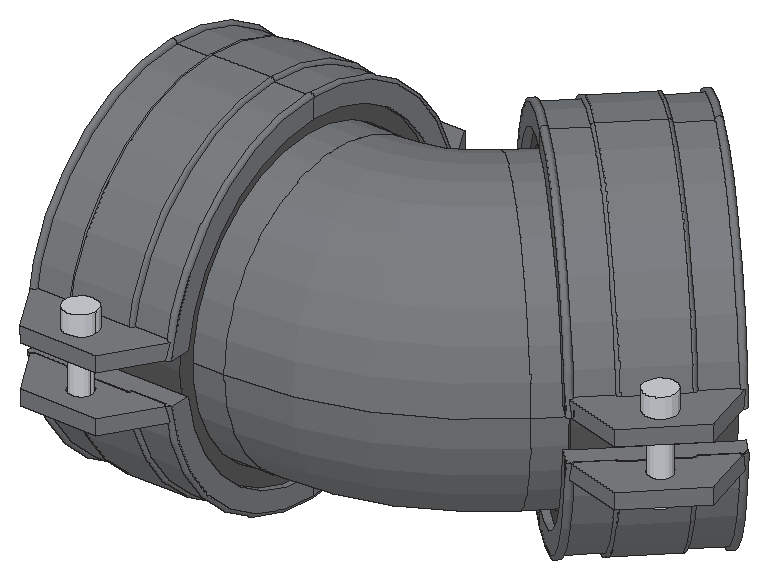
Revit family "PBUK_ED_Bend_ED002_DI", category Pipe Fittings, Revit 2024
Family settings
  Round Connector Dimension = Use Diameter
  Part Type = Elbow
  OmniClass Number = 23.60.30.11.14
  OmniClass Title = Pipework Fittings
  Work Plane-Based = No
  Always vertical = Yes
  Cut with Voids When Loaded = No
  Shared = No
Parameters (values of type "Standard")
  Weight [instance] = size_lookup(Lookup Table Name, "Poids", 0.00 kg, Nominal Diameter, Angle)  # 1.15 kg
  WarrantyStartDate [instance] = "Please Record On Commissioning"
  WarrantyGuarantorParts = "technical.uk@pambuilding.com"
  WarrantyGuarantorLabour = "N/A"
  WarrantyDurationUnit = "Years"
  WarrantyDurationParts = "0"
  WarrantyDurationLabour = "0"
  WarrantyDescription = "N/A"
  URL = "www.pambuilding.co.uk"
  Type IFC Predefined Type = "BEND"
  TagNumber [instance] = "Please Record On Commissioning"
  System Fire Rating = "A2-s1, d0"  # constant formula
  Symbol Length [instance] = Nominal Diameter * 0.6  # 60 mm
  Standard = "EN 877"  # constant formula
  Show Coupling 2 [instance] = yes
  Show Coupling 1 [instance] = yes
  SerialNumber [instance] = "Please Record On Commissioning"
  RC [instance] = size_lookup(Lookup Table Name, "RC", 0 mm, Nominal Diameter, Angle)  # 72 mm
  Quality Marks [instance] = "Kitemark KM 51733"  # constant formula
  Product URL = "https://source.thenbs.com/en/product/ensign-drain-below-ground-drainage-system/2q1gEaFhwdmYRUm3yQ7ADk/7WPnyJ2vXj1EjKFYZwQSwU"
  Product Code [instance] = size_lookup(Lookup Table Name, "REF-STD", 0, Nominal Diameter, Angle)  # 191765
  NominalWidth [instance] = Dext  # 110 mm
  NominalLength [instance] = Ecart * sin(Angle b) + (2 * L + (3.14 * RC * Angle b) / 180.00°)  # 147.608 mm
  NominalHeight [instance] = Ecart * sin(Angle b) + (2 * L + (3.14 * RC * Angle b) / 180.00°)  # 147.608 mm
  Nominal Diameter [instance] = 100 mm
  ModelNumber [instance] = size_lookup(Lookup Table Name, "", "N/A", Nominal Diameter, Angle)  # "ED002"
  Material Fire Rating = "A2-s1, d0"  # constant formula
  Material = "Cast Iron"  # constant formula
  Manufacturer Product Range = "Ensign Drain"  # constant formula
  Lookup Table Name = "ED002_Short Radius Bend"
  Model = ""
  L [instance] = size_lookup(Lookup Table Name, "L", 0 mm, Nominal Diameter, Angle)  # 35 mm
  Keynote = "Bend"  # constant formula
  built-in parameter 1114238 [instance] = (empty or 0)
  Manufacturer = "Pam Building UK"  # constant formula
  InstallationDate [instance] = "Please Record On Commissioning"
  Export Type to IFC As = "IfcPipeFittingType"
  Ecart [instance] = RC * tan(Angle b / 2)  # 29.823 mm
  DurationUnit = "Years"
  Dext [instance] = size_lookup(Lookup Table Name, "Dext", 0 mm, Nominal Diameter, Angle)  # 110 mm
  Description = "Short Radius Bend"  # constant formula
  Default Elevation = 0 mm
  CreatedOn = "2019-12-15T10:00:00"
  CreatedBy = "technical.uk@pambuilding.com"
  Coupling Rotation 2 [instance] = 90.00°
  Coupling Rotation 1 [instance] = 90.00°
  Connection Gap 2 [instance] = if(Show Coupling 2, size_lookup(Lookup Table Name, "ConnectionGap", 0 mm, Nominal Diameter, Angle), 0 mm)  # 4 mm
  Connection Gap 1 [instance] = if(Show Coupling 1, size_lookup(Lookup Table Name, "ConnectionGap", 0 mm, Nominal Diameter, Angle), 0 mm)  # 4 mm
  ClassificationValue = "Pr_65_52_07_34"
  ClassificationName = "Uniclass2015"
  BarCode [instance] = "Please Record On Commissioning"
  AssetType = "Fixed"
  AssetIdentifier [instance] = "Please Record On Commissioning"
  Angle b [instance] = 45.00°
  Angle [instance] = if(and(Angle b > 85.00°, Angle b < 91.00°), 88.00°, if(and(Angle b > 65.00°, Angle b < 71.00°), 68.00°, if(and(Angle b > 42.00°, Angle b < 48.00°), 45.00°, if(and(Angle b > 27.00°, Angle b < 33.00°), 30.00°, if(and(Angle b > 19.00°, Angle b < 25.00°), 22.00°, if(and(Angle b > 12.00°, Angle b < 18.00°), 15.00°, 0.00°))))))  # 45.00°
Reference planes
  plane 1 "Centre (avant/arrière)": y = 0
  plane 2: z = 0
  plane 3 "Centre (gauche/droite)": x = 0
  plane 4: x = -29.823
  plane 5: y = 72
  plane 6: x = -68.823
  plane 7: x = -64.823
Forms (mm)
  Sweep 1, solid, material "PAM Cast iron - Ensign Drain", detail levels fine
    path in 3D
      loop
        line (45.837, 45.837, 0) -> (21.088, 21.088, 0)
        arc (21.088, 21.088, 0) -> (-2.27, 5.481, 0) -> (-29.823, 0, 0) r 72
        line (-29.823, 0, 0) -> (-64.823, 0, 0)
    profile origin (-47.323, 0, 0) x (0, -1, 0) y (0, 0, 1)
      loop
        circle (0, 0) r 55
  Sweep 2, solid, not visible
    path origin (0, 0, 0) x (1, 0, 0) y (0, 1, 0)
      loop
        line (-72.828, 0) -> (-68.823, 0)
    profile origin (-70.826, 0, 0) x (0, 1, 0) y (0, 0, 1)
      loop
        circle (0, 0) r 55
  Sweep 3, solid, not visible
    path origin (0, 0, 0) x (1, 0, 0) y (0, 1, 0)
      loop
        line (48.665, 48.665) -> (51.494, 51.494)
    profile origin (50.08, 50.08, 0) x (-0.707107, 0.707107, 0) y (0, 0, 1)
      loop
        circle (0, 0) r 55
Lines and regions (mm)
  reference lines
    curve 1: arc (-29.823, 0, 0) -> (-2.27, 5.481, 0) -> (21.088, 21.088, 0) r 72
    curve 2: line (21.088, 21.088, 0) -> (45.837, 45.837, 0)
    curve 3: line (-29.823, 0, 0) -> (-64.823, 0, 0)
  sketch lines
    curve 4: line (-29.823, 0, 0) -> (-64.823, 0, 0)
    curve 5: arc (-29.823, 0, 0) -> (-2.27, 5.481, 0) -> (21.088, 21.088, 0) r 72
    curve 6: line (21.088, 21.088, 0) -> (45.837, 45.837, 0)
  model lines, detail levels coarse+medium
    curve 7: line (-68.823, 0, 0) -> (-29.823, 0, 0)
    curve 8: arc (-29.823, 0, 0) -> (-2.27, 5.481, 0) -> (21.088, 21.088, 0) r 72
    curve 9: line (21.088, 21.088, 0) -> (48.665, 48.665, 0)
    curve 10: line (48.665, 48.665, 0) -> (69.879, 27.452, 0)
    curve 11: line (48.665, 48.665, 0) -> (27.452, 69.879, 0)
    curve 12: line (-68.823, 30, 0) -> (-68.823, 0, 0)
    curve 13: line (-68.823, 0, 0) -> (-68.823, -30, 0)
Dimensions and locks
  "Ecart": plane 4 to plane 3 "Centre (gauche/droite)"
  "RC": plane 5 to plane 1 "Centre (avant/arrière)"
  "L": curve 3 to curve 3
  "L": curve 2 to curve 2
  equal spacing: curve 10, curve 9, curve 11
  "Symbol Length": curve 11 to curve 10
  equal spacing: curve 13, plane 1 "Centre (avant/arrière)", curve 12
  "Symbol Length": curve 12 to curve 13
  "L": plane 7 to plane 4
  "Connection Gap 1": plane 6 to plane 7
  locked: Sweep 2 sketch curve to Sweep 2 sketch curve at 4.005
  "Connection Gap 2": Sweep 1 to curve 11
  Sweep 3 sketch curve to Sweep 3 sketch curve = 4 mm
  "RC": radius of curve 1
  "RC": radius of curve 8
  "Dext": diameter of Sweep 1 sketch curve
  "Dext": diameter of Sweep 2 sketch curve
  "Dext": diameter of Sweep 3 sketch curve
  "Angle b": angle curve 1 to curve 1
  "Angle b": angle plane 1 "Centre (avant/arrière)" to curve 2
  "Angle b": angle curve 8 to curve 8
  locked: curve 9 to curve 10 (angle 90.00°)
  locked: curve 11 to curve 9 (angle 90.00°)
  "Angle b": angle plane 1 "Centre (avant/arrière)" to curve 9
  "Angle b": angle plane 1 "Centre (avant/arrière)" to Sweep 3 sketch curve
  "Angle b": angle plane 1 "Centre (avant/arrière)" to nested 3
  aligned and locked: level to plane 2
  aligned and locked: plane 4 to curve 1
  aligned and locked: plane 5 to curve 1
  aligned and locked: plane 4 to curve 7
  aligned and locked: plane 1 "Centre (avant/arrière)" to curve 7
  aligned and locked: plane 1 "Centre (avant/arrière)" to Sweep 2 sketch curve
  aligned and locked: curve 12 to plane 6
  aligned and locked: plane 1 "Centre (avant/arrière)" to nested 1
  aligned and locked: plane 7 to nested 1
  aligned and locked: plane 6 to Sweep 2 sketch curve
  aligned and locked: Sweep 3 sketch curve to curve 10
  aligned and locked: curve 2 to Sweep 3 sketch curve
  aligned and locked: curve 2 to nested 3
  aligned and locked: nested 3 to Sweep 3
Automatic sketch dimensions
  Sweep 1 sketch curve to profile plane = 0 mm  (x2)
  Sweep 2 sketch curve to level = 0 mm
  Sweep 2 sketch curve to profile plane = 0 mm
  level to Sweep 3 sketch curve = 0 mm
  Sweep 3 sketch curve to profile plane = 0 mm
Nested families
  nested 1: "PBUK_Two-Piece Ductile Iron Coupling-Rotated Assembly" at (-64.823, 0, 0), Visibility <- "Show Coupling 1", visible <- "Show Coupling 1", Nominal Diameter <- "Nominal Diameter", Rotation <- "Coupling Rotation 1", type "Standard"
    with Visibility yes, Rotation 90.00°, Nominal Diameter 100 mm
  nested 2: "PBUK_ED_Two-Piece Ductile Iron Coupling_ED001" at (-66.823, 0, 0), type "Standard"
    with Width 56 mm, Weight 1.122 kg, WarrantyStartDate "", VisFDoubleBolt 0 mm, VisDoubleBolt 0 mm, VisCSingleBolt 1 mm, VisCDoubleBolt 0 mm, V 16 mm, TagNumber "", SerialNumber "", Product Code 155369, NominalWidth 56 mm, NominalLength 179 mm, NominalHeight 141.5 mm, Nominal Radius 50 mm, Nominal Diameter 100 mm, ModelNumber "ED001", InternalRadius 62 mm, InternalGasketRadius 56 mm, InstallationDate "", I 6 mm, H 22 mm, G 10 mm, F-DoubleBolt no, F 25 mm, ExternalGasketRadius 62 mm, EarRadius 16 mm, DoubleBolt no, ConnectionGap 4 mm, ChamferEdge 67.5 mm, C-SingleBolt yes, C-DoubleBolt no, C 8.75 mm, BoltLength 40 mm, BarCode "", B 2.5 mm, AssetIdentifier "", A 7.5 mm, 2BoltLocation 10 mm
  nested 3: "PBUK_Two-Piece Ductile Iron Coupling-Rotated Assembly" at (48.665, 48.665, 0) x (0.7071, 0.7071, 0) z (0, 0, 1), Visibility <- "Show Coupling 2", visible <- "Show Coupling 2", Nominal Diameter <- "Nominal Diameter", Rotation <- "Coupling Rotation 2", type "Standard"
    with Visibility yes, Rotation 90.00°, Nominal Diameter 100 mm
  nested 4: "PBUK_ED_Two-Piece Ductile Iron Coupling_ED001" at (47.251, 47.251, 0) x (0.7071, 0.7071, 0) z (0, 0, 1), type "Standard"
    with Width 56 mm, Weight 1.122 kg, WarrantyStartDate "", VisFDoubleBolt 0 mm, VisDoubleBolt 0 mm, VisCSingleBolt 1 mm, VisCDoubleBolt 0 mm, V 16 mm, TagNumber "", SerialNumber "", Product Code 155369, NominalWidth 56 mm, NominalLength 179 mm, NominalHeight 141.5 mm, Nominal Radius 50 mm, Nominal Diameter 100 mm, ModelNumber "ED001", InternalRadius 62 mm, InternalGasketRadius 56 mm, InstallationDate "", I 6 mm, H 22 mm, G 10 mm, F-DoubleBolt no, F 25 mm, ExternalGasketRadius 62 mm, EarRadius 16 mm, DoubleBolt no, ConnectionGap 4 mm, ChamferEdge 67.5 mm, C-SingleBolt yes, C-DoubleBolt no, C 8.75 mm, BoltLength 40 mm, BarCode "", B 2.5 mm, AssetIdentifier "", A 7.5 mm, 2BoltLocation 10 mm
Connectors
  piping at (-68.823, 0, 0), diameter 100, driven by "Nominal Diameter", driven by "Angle b"
    settings: on Sweep 2, index 2, connector inside diameter 609.6 mm, connector length 0 mm, flow factor 0, pipe flow 0.0 L/s, pressure drop 0.0 Pa, fitting loss kfactor 0, connector angle 45.00°, fixture units 0, engagement length 0 mm, angle of deflection 0.00°, flow configuration 0, flow direction 0, fitting loss method 0, system type 28, joint type 0, gender type 0, connector reference index 3, connector utility 0, adjustable connector no, is connector primary yes, connector description ""
  piping at (48.665, 48.665, 0), diameter 100, driven by "Nominal Diameter", driven by "Angle b"
    settings: on Sweep 3, index 3, connector inside diameter 609.6 mm, connector length 0 mm, flow factor 0, pipe flow 0.0 L/s, pressure drop 0.0 Pa, fitting loss kfactor 0, connector angle 45.00°, fixture units 0, engagement length 0 mm, angle of deflection 0.00°, flow configuration 0, flow direction 0, fitting loss method 0, system type 28, joint type 0, gender type 0, connector reference index 2, connector utility 0, adjustable connector no, is connector primary no, connector description ""
Definition of nested family "PBUK_ED_Two-Piece Ductile Iron Coupling_ED001"
  Parameters (values of type "Standard")
    Width [instance] = size_lookup(Lookup Table Name, "Width", 0 mm, Nominal Diameter)  # 75 mm
    Weight [instance] = size_lookup(Lookup Table Name, "Weight", 0.00 kg, Nominal Diameter)  # 1.778 kg
    WarrantyStartDate [instance] = "Please Record On Commissioning"
    WarrantyGuarantorParts = "technical.uk@pambuilding.com"
    WarrantyGuarantorLabour = "N/A"
    WarrantyDurationUnit = "Years"
    WarrantyDurationParts = "0"
    WarrantyDurationLabour = "0"
    WarrantyDescription = "N/A"
    VisFDoubleBolt [instance] = if(Nominal Diameter > 151 mm, 1 mm, 0 mm)  # 0 mm
    VisDoubleBolt [instance] = if(Nominal Diameter > 149 mm, 1 mm, 0 mm)  # 1 mm
    VisCSingleBolt [instance] = if(Nominal Diameter < 149 mm, 1 mm, 0 mm)  # 0 mm
    VisCDoubleBolt [instance] = if(Nominal Diameter = 150 mm, 1 mm, 0 mm)  # 1 mm
    V [instance] = size_lookup(Lookup Table Name, "V", 0 mm, Nominal Diameter)  # 8 mm
    URL = "www.pambuilding.co.uk"
    Type IFC Predefined Type = "TRANSITION"
    TagNumber [instance] = "Please Record On Commissioning"
    System Fire Rating = "A2-s1, d0"  # constant formula
    Standard = "EN 877"  # constant formula
    SerialNumber [instance] = "Please Record On Commissioning"
    Quality Marks = "Kitemark KM 51733"  # constant formula
    Product URL = "https://source.thenbs.com/en/product/ensign-drain-below-ground-drainage-system/2q1gEaFhwdmYRUm3yQ7ADk/7WPnyJ2vXj1EjKFYZwQSwU"
    Product Code [instance] = size_lookup(Lookup Table Name, "REF-STD", 0, Nominal Diameter)  # 155433
    Pressure Rating = "1 bar (Unrestrained) 5 bar (Restrained) "  # constant formula
    NominalWidth [instance] = Width  # 75 mm
    NominalLength [instance] = (ChamferEdge + H) * 2  # 221 mm
    NominalHeight [instance] = ((ExternalGasketRadius + C) * 2)  # 184 mm
    Nominal Radius [instance] = Nominal Diameter / 2  # 75 mm
    Nominal Diameter [instance] = 150 mm
    ModelNumber [instance] = size_lookup(Lookup Table Name, "", "N/A", Nominal Diameter)  # "ED001"
    Model = "ED001"  # constant formula
    Material Fire Rating = "A2-s1, d0"  # constant formula
    Material = "Ductile Iron"  # constant formula
    Manufacturer Product Range = "Ensign Drain"  # constant formula
    Manufacturer = "Pam Building UK"  # constant formula
    Lookup Table Name = "ED001_Two Piece Iron Coupling Union"
    Keynote = "Coupling"  # constant formula
    InternalRadius [instance] = size_lookup(Lookup Table Name, "InternalRadius", 0 mm, Nominal Diameter)  # 85.5 mm
    InternalGasketRadius [instance] = size_lookup(Lookup Table Name, "InternalGasketRadius", 0 mm, Nominal Diameter)  # 81 mm
    InstallationDate [instance] = "Please Record On Commissioning"
    I [instance] = size_lookup(Lookup Table Name, "I", 0 mm, Nominal Diameter)  # 8 mm
    H [instance] = size_lookup(Lookup Table Name, "H", 0 mm, Nominal Diameter)  # 22 mm
    Gasket Material = "EPDM Rubber EN 681"  # constant formula
    G [instance] = size_lookup(Lookup Table Name, "G", 0 mm, Nominal Diameter)  # 48.4 mm
    F-DoubleBolt [instance] = VisFDoubleBolt = 1 mm  # no
    F [instance] = size_lookup(Lookup Table Name, "F", 0 mm, Nominal Diameter)  # 48.4 mm
    ExternalGasketRadius [instance] = InternalRadius  # 85.5 mm
    Export Type to IFC As = "IfcPipeFittingType"
    EarRadius [instance] = 16 mm  # constant formula
    DurationUnit = "Years"
    DoubleBolt [instance] = VisDoubleBolt = 1 mm  # yes
    Description = "Two Piece Ductile Iron Coupling"  # constant formula
    Default Elevation = 0 mm
    CreatedOn = "2019-12-15T10:00:00"
    CreatedBy = "technical.uk@pambuilding.com"
    ConnectionGap [instance] = size_lookup(Lookup Table Name, "ConnectionGap", 0 mm, Nominal Diameter)  # 4 mm
    Colour = "Ensign Grey"  # constant formula
    ClassificationValue = "Pr_65_52_07_34"
    ClassificationName = "Uniclass2015"
    ChamferEdge [instance] = InternalRadius + A - 2 mm  # 88.5 mm
    C-SingleBolt [instance] = VisCSingleBolt = 1 mm  # no
    C-DoubleBolt [instance] = VisCDoubleBolt = 1 mm  # yes
    C [instance] = A + (B / 2)  # 6.5 mm
    BoltLength [instance] = size_lookup(Lookup Table Name, "BoltLength", 0 mm, Nominal Diameter)  # 40 mm
    BarCode [instance] = "Please Record On Commissioning"
    B [instance] = size_lookup(Lookup Table Name, "B", 0 mm, Nominal Diameter)  # 3 mm
    AssetType = "Fixed"
    AssetIdentifier [instance] = "Please Record On Commissioning"
    A [instance] = size_lookup(Lookup Table Name, "A", 0 mm, Nominal Diameter)  # 5 mm
    2BoltLocation [instance] = size_lookup(Lookup Table Name, "2BoltLocation", 0 mm, Nominal Diameter)  # 48.4 mm
  Reference planes
    plane 1 "Center (Front/Back)": y = 0
    plane 2: z = 0
    plane 3 "Center (Left/Right)": x = 0
    plane 4: z = 85.5
    plane 5: x = -37.5
    plane 6: x = 37.5
    plane 7: z = 90.5
    plane 8: x = -34.5
    plane 9: x = 34.5
    plane 10 "External ML1": x = -12.5
    plane 11 "External ML2": x = 12.5
    plane 12: z = 92
    plane 13: z = 4
    plane 14: z = -4
    plane 15: y = 110.5
    plane 16: z = 12
    plane 17: z = -12
    plane 18: x = -24.2
    plane 19: x = 24.2
    plane 20: y = 88.5
    plane 21: y = -88.5
    plane 22: y = -110.5
    plane 23: y = 99.5
    plane 24: y = -99.5
    plane 25 "External ML4": x = 29.5
    plane 26 "External ML3": x = -29.5
    plane 27: x = -24.2
    plane 28: x = 24.2
    plane 29: y = 97.675
    plane 30: y = -97.675
    plane 31: y = 97.7
    plane 32: y = -97.7
    plane 33 "Connection 1": x = 2
    plane 34 "Connection 2": x = -2
    plane 35: z = -20.5
    plane 36: z = 19.5
  Forms (mm)
    Revolve 1, solid, detail levels fine
      sketch origin (0, 0, 0) x (1, 0, 0) y (0, 0, 1)
        loop
          line (-37.5, 85.5) -> (37.5, 85.5) -> (37.5, 90.5)
          arc (37.5, 90.5) -> (36, 92) -> (34.5, 90.5) r 1.5
          line (34.5, 90.5) -> (12.5, 90.5)
          arc (12.5, 90.5) -> (12.061, 91.561) -> (11, 92) r 1.5
          line (11, 92) -> (-11, 92)
          arc (-11, 92) -> (-12.061, 91.561) -> (-12.5, 90.5) r 1.5
          line (-12.5, 90.5) -> (-34.5, 90.5)
          arc (-34.5, 90.5) -> (-36, 92) -> (-37.5, 90.5) r 1.5
          line (-37.5, 90.5) -> (-37.5, 85.5)
        axis (-37.5, 0) -> (37.5, 0)
      angle from 0 to 360
    Extrusion 2, void, detail levels fine
      sketch origin (-12.5, 0, 0) x (0, 0, 1) y (0, -1, 0)
        loop
          line (4, -110.5) -> (4, 110.5) -> (-4, 110.5) -> (-4, -110.5) -> (4, -110.5)
      from -25 to 50
    Extrusion 3, solid, visible <- "C-SingleBolt", detail levels fine
      sketch origin (0, 0, 0) x (1, 0, 0) y (0, 1, 0)
        loop
          line (-37.5, -88.5) -> (-14.718, -110.5) -> (14.718, -110.5) -> (37.5, -88.5) -> (-37.5, -88.5)
        loop
          circle (0, -99.5) r 4.5
      from -12 to 12
    Extrusion 4, solid, visible <- "C-SingleBolt", detail levels fine
      sketch origin (0, 0, 0) x (1, 0, 0) y (0, 1, 0)
        loop
          line (-37.42, 88.5) -> (37.381, 88.5) -> (24.679, 110.5) -> (-24.718, 110.5) -> (-37.42, 88.5)
        loop
          circle (0, 99.5) r 4.5
      from -12 to 12
    Extrusion 5, solid, detail levels fine
      sketch origin (-12.5, 0, 0) x (0, 0, 1) y (0, -1, 0)
        loop
          circle (0, 0) r 85.5
        loop
          circle (0, 0) r 81
      from -22 to 47
    Extrusion 6, solid, visible <- "C-DoubleBolt", detail levels fine
      sketch origin (0, 0, 0) x (1, 0, 0) y (0, 1, 0)
        loop
          line (-37.5, -88.5) -> (-37.5, -97.7) -> (-24.7, -110.5) -> (24.7, -110.5) -> (37.5, -97.7) -> (37.5, -88.5) -> (-37.5, -88.5)
        loop
          circle (24.2, -97.7) r 4.5
        loop
          circle (-24.2, -97.7) r 4.5
      from -12 to 12
    Extrusion 7, solid, visible <- "C-DoubleBolt", detail levels fine
      sketch origin (0, 0, 0) x (1, 0, 0) y (0, 1, 0)
        loop
          line (-37.5, 88.5) -> (37.5, 88.5) -> (37.5, 97.7) -> (24.7, 110.5) -> (-24.7, 110.5) -> (-37.5, 97.7) -> (-37.5, 88.5)
        loop
          circle (24.2, 97.7) r 4.5
        loop
          circle (-24.2, 97.7) r 4.5
      from -12 to 12
    Extrusion 8, solid, visible <- "F-DoubleBolt", detail levels fine
      sketch origin (0, 86.75, 0) x (1, 0, 0) y (0, 1, 0)
        loop
          line (37.5, 1.75) -> (37.5, 7.75)
          arc (37.5, 7.75) -> (32.814, 19.064) -> (21.5, 23.75) r 16
          line (21.5, 23.75) -> (-21.5, 23.75)
          arc (-21.5, 23.75) -> (-32.814, 19.064) -> (-37.5, 7.75) r 16
          line (-37.5, 7.75) -> (-37.5, 1.75) -> (37.5, 1.75)
        loop
          line (37.5, -175.25) -> (-37.5, -175.25) -> (-37.5, -181.25)
          arc (-37.5, -181.25) -> (-32.814, -192.564) -> (-21.5, -197.25) r 16
          line (-21.5, -197.25) -> (21.5, -197.25)
          arc (21.5, -197.25) -> (32.814, -192.564) -> (37.5, -181.25) r 16
          line (37.5, -181.25) -> (37.5, -175.25)
        loop
          circle (24.2, 10.95) r 4.5
        loop
          circle (-24.2, 10.95) r 4.5
        loop
          circle (24.2, -184.45) r 4.5
        loop
          circle (-24.2, -184.45) r 4.5
      from -12 to 12
    Extrusion 9, solid, visible <- "C-SingleBolt", detail levels fine
      sketch origin (0, 0, 0) x (1, 0, 0) y (0, 1, 0)
        loop
          circle (0, 99.5) r 4
      from -20.5 to 12
    Extrusion 10, solid, visible <- "C-SingleBolt", detail levels fine
      sketch origin (0, 0, 0) x (1, 0, 0) y (0, 1, 0)
        loop
          circle (0, -99.5) r 4
      from -20.5 to 12
    Extrusion 11, solid, visible <- "DoubleBolt", detail levels fine
      sketch origin (-18.275, 2.244, 0) x (1, 0, 0) y (0, 1, 0)
        loop
          circle (-5.925, 95.456) r 4
      from -20.5 to 12
    Extrusion 12, solid, visible <- "DoubleBolt", detail levels fine
      sketch origin (19.176, 2.244, 0) x (1, 0, 0) y (0, 1, 0)
        loop
          circle (5.024, 95.456) r 4
      from -20.5 to 12
    Extrusion 13, solid, visible <- "DoubleBolt", detail levels fine
      sketch origin (-18.275, -366.656, 0) x (1, 0, 0) y (0, 1, 0)
        loop
          circle (-5.925, 268.956) r 4
      from -20.5 to 12
    Extrusion 14, solid, visible <- "DoubleBolt", detail levels fine
      sketch origin (19.176, -366.656, 0) x (1, 0, 0) y (0, 1, 0)
        loop
          circle (5.024, 268.956) r 4
      from -20.5 to 12
    Extrusion 15, solid, visible <- "C-SingleBolt", detail levels fine
      sketch origin (12.5, 1.8, 0) x (1, 0, 0) y (0, 1, 0)
        loop
          circle (-12.5, 97.7) r 6
        loop
          circle (-12.5, -101.3) r 6
      from 12 to 19.5
    Extrusion 16, solid, visible <- "DoubleBolt", detail levels fine
      sketch origin (48.244, 8.933, 0) x (1, 0, 0) y (0, 1, 0)
        loop
          circle (-24.044, 88.767) r 6
        loop
          circle (-24.044, -106.633) r 6
      from 12 to 19.5
    Extrusion 17, solid, visible <- "DoubleBolt", detail levels fine
      sketch origin (-36.756, 8.933, 0) x (1, 0, 0) y (0, 1, 0)
        loop
          circle (12.556, 88.767) r 6
        loop
          circle (12.556, -106.633) r 6
      from 12 to 19.5
  Cuts and joins
    Extrusion 2 cuts Extrusion 4
    Extrusion 2 cuts Revolve 1
    Extrusion 2 cuts Extrusion 3
    Extrusion 2 cuts Extrusion 7
    Extrusion 2 cuts Extrusion 6
    Extrusion 2 cuts Extrusion 8
  Lines and regions (mm)
    reference lines
      curve 1: line (-37.5, 88.361, 0) -> (-20, 118.673, 0)
      curve 2: line (37.5, 88.294, 0) -> (20, 118.605, 0)
      curve 3: line (39.455, -86.478, 0) -> (25.987, -111.767, 0)
      curve 4: line (-37.501, -86.539, 0) -> (-25, -110.012, 0)
      curve 9: line (37.5, -97.7, 0) -> (25, -119.351, 0)
      curve 10: line (-37.5, -97.7, 0) -> (-25, -119.351, 0)
      curve 11: line (37.5, 97.7, 0) -> (21.643, 125.166, 0)
      curve 12: line (-37.5, 97.7, 0) -> (-21.643, 125.166, 0)
      curve 13: line (0, 160.5, 0) -> (0, -163.9, 0)
    model lines, detail levels fine
      curve 5: circle (-12.5, 0, 0) r 81 normal (1, 0, 0)
      curve 6: circle (12.5, 0, 0) r 81 normal (1, 0, 0)
      curve 7: circle (-29.5, 0, 0) r 81 normal (1, 0, 0)
      curve 8: circle (29.5, 0, 0) r 81 normal (1, 0, 0)
  Dimensions and locks
    "InternalRadius": plane 4 to plane 2
    "Width": plane 5 to plane 6
    equal spacing: plane 5, plane 3 "Center (Left/Right)", plane 6
    "A": plane 7 to plane 4
    "B": plane 6 to plane 9
    "B": plane 5 to plane 8
    equal spacing: plane 11 "External ML2", plane 3 "Center (Left/Right)", plane 10 "External ML1"
    plane 11 "External ML2" to plane 10 "External ML1" = 25 mm
    "C": plane 12 to plane 4
    equal spacing: plane 13, level, plane 14
    "V": plane 13 to plane 14
    "I": plane 14 to plane 17
    "I": plane 16 to plane 13
    equal spacing: plane 18, plane 3 "Center (Left/Right)", plane 19
    "G": plane 18 to plane 19
    "ChamferEdge": plane 1 "Center (Front/Back)" to plane 20
    "H": plane 15 to plane 20
    "ChamferEdge": plane 21 to plane 1 "Center (Front/Back)"
    "H": plane 21 to plane 22
    equal spacing: plane 15, plane 23, plane 20
    equal spacing: plane 21, plane 24, plane 22
    locked: plane 8 to plane 26 "External ML3" at 5
    locked: plane 25 "External ML4" to plane 9 at 5
    equal spacing: plane 27, plane 3 "Center (Left/Right)", plane 28
    "F": plane 27 to plane 28
    locked: plane 31 to plane 20 at 9.2
    locked: plane 21 to plane 32 at 9.2
    equal spacing: plane 34 "Connection 2", plane 3 "Center (Left/Right)", plane 33 "Connection 1"
    "ConnectionGap": plane 34 "Connection 2" to plane 33 "Connection 1"
    locked: plane 16 to plane 36 at 7.5
    "BoltLength": plane 35 to plane 36
    plane 25 "External ML4" to plane 19 to plane 11 "External ML2" = 5.3 mm, 11.7 mm
    plane 10 "External ML1" to plane 18 to plane 26 "External ML3" = 11.7 mm, 5.3 mm
    "ExternalGasketRadius": radius of Extrusion 5 sketch curve
    "InternalGasketRadius": radius of Extrusion 5 sketch curve
    "InternalGasketRadius": radius of curve 5
    "InternalGasketRadius": radius of curve 6
    "InternalGasketRadius": radius of curve 7
    "InternalGasketRadius": radius of curve 8
    "EarRadius": radius of Extrusion 8 sketch curve  (x4)
    angle curve 1 to plane 5 = 30.00°
    angle plane 6 to curve 2 = 30.00°
    angle curve 3 to plane 6 = 28.0382°
    angle plane 5 to curve 4 = 28.0384°
    angle plane 5 to curve 10 = 30.00°
    angle curve 9 to plane 6 = 30.00°
    angle plane 6 to curve 11 = 30.00°
    angle curve 12 to plane 5 = 30.00°
    aligned and locked: level to plane 2
    aligned and locked: Revolve 1 sketch curve to plane 5
    aligned and locked: Revolve 1 sketch curve to plane 4
    aligned and locked: Revolve 1 sketch curve to plane 6
    aligned and locked: Revolve 1 sketch curve to plane 7
    aligned and locked: Revolve 1 sketch curve to plane 12
    aligned and locked: plane 13 to Extrusion 2 sketch curve
    aligned and locked: plane 14 to Extrusion 2 sketch curve
    aligned and locked: plane 5 to Extrusion 2
    aligned and locked: Extrusion 2 to plane 6
    aligned and locked: plane 5 to curve 1
    aligned and locked: plane 6 to curve 2
    aligned and locked: Extrusion 3 sketch curve to plane 21
    aligned and locked: Extrusion 3 sketch curve to plane 22
    aligned and locked: Extrusion 3 to plane 17
    aligned and locked: plane 16 to Extrusion 3
    aligned and locked: Extrusion 2 sketch curve to plane 22
    aligned and locked: Extrusion 4 sketch curve to plane 20
    aligned and locked: curve 2 to Extrusion 4 sketch curve
    aligned and locked: curve 1 to Extrusion 4 sketch curve
    aligned and locked: Extrusion 4 sketch curve to plane 15
    aligned and locked: cut or joined group of Extrusion 2, Extrusion 4 to plane 17
    aligned and locked: plane 16 to cut or joined group of Extrusion 2, Extrusion 4
    aligned and locked: plane 8 to Extrusion 5
    aligned and locked: plane 9 to Extrusion 5
    aligned and locked: plane 32 to curve 10
    aligned and locked: plane 32 to curve 9
    aligned and locked: plane 6 to curve 9
    aligned and locked: plane 5 to curve 10
    aligned and locked: Extrusion 6 sketch curve to plane 21
    aligned and locked: Extrusion 6 sketch curve to plane 6
    aligned and locked: Extrusion 6 sketch curve to plane 22
    aligned and locked: Extrusion 6 sketch curve to plane 5
    aligned and locked: Extrusion 6 to plane 17
    aligned and locked: plane 16 to Extrusion 6
    aligned and locked: plane 6 to curve 11
    aligned and locked: plane 31 to curve 11
    aligned and locked: plane 5 to curve 12
    aligned and locked: plane 31 to curve 12
    aligned and locked: Extrusion 7 sketch curve to plane 15
    aligned and locked: plane 6 to Extrusion 7 sketch curve
    aligned and locked: Extrusion 7 sketch curve to plane 20
    aligned and locked: plane 5 to Extrusion 7 sketch curve
    aligned and locked: plane 16 to Extrusion 7
    aligned and locked: Extrusion 7 to plane 17
    aligned and locked: Extrusion 8 sketch curve to cut or joined group of Extrusion 2, Extrusion 7
    aligned and locked: Extrusion 8 sketch curve to plane 15
    aligned and locked: Extrusion 8 sketch curve to plane 5
    aligned and locked: plane 20 to Extrusion 8 sketch curve
    aligned and locked: cut or joined group of Extrusion 2, Extrusion 6 to Extrusion 8 sketch curve
    aligned and locked: Extrusion 8 sketch curve to plane 22
    aligned and locked: plane 5 to Extrusion 8 sketch curve
    aligned and locked: plane 21 to Extrusion 8 sketch curve
    aligned and locked: Extrusion 8 to plane 17
    aligned and locked: plane 16 to Extrusion 8
    aligned and locked: plane 19 to Extrusion 8 sketch curve  (x2)
    aligned and locked: plane 31 to Extrusion 8 sketch curve  (x2)
    aligned and locked: plane 18 to Extrusion 8 sketch curve  (x2)
    aligned and locked: plane 32 to Extrusion 8 sketch curve  (x2)
    aligned and locked: plane 35 to Extrusion 9
    aligned and locked: plane 16 to Extrusion 9
    aligned and locked: Extrusion 9 to Extrusion 10
    aligned and locked: plane 16 to Extrusion 10
    aligned and locked: plane 18 to Extrusion 11 sketch curve
    aligned and locked: plane 31 to Extrusion 11 sketch curve
    aligned and locked: plane 19 to Extrusion 12 sketch curve
    aligned and locked: plane 31 to Extrusion 12 sketch curve
    aligned and locked: plane 32 to Extrusion 13 sketch curve
    aligned and locked: plane 18 to Extrusion 13 sketch curve
    aligned and locked: plane 19 to Extrusion 14 sketch curve
    aligned and locked: plane 32 to Extrusion 14 sketch curve
    aligned and locked: plane 35 to Extrusion 11
    aligned and locked: plane 35 to Extrusion 12
    aligned and locked: plane 35 to Extrusion 13
    aligned and locked: plane 35 to Extrusion 14
    aligned and locked: plane 16 to Extrusion 13
    aligned and locked: plane 16 to Extrusion 14
    aligned and locked: plane 16 to Extrusion 11
    aligned and locked: plane 16 to Extrusion 12
    aligned and locked: plane 3 "Center (Left/Right)" to Extrusion 15 sketch curve  (x2)
    aligned and locked: plane 23 to Extrusion 15 sketch curve
    aligned and locked: Extrusion 15 to plane 16
    aligned and locked: Extrusion 15 to plane 36
    aligned and locked: plane 24 to Extrusion 15 sketch curve
    aligned and locked: plane 19 to Extrusion 16 sketch curve  (x2)
    aligned and locked: plane 31 to Extrusion 16 sketch curve
    aligned and locked: plane 32 to Extrusion 16 sketch curve
    aligned and locked: plane 16 to Extrusion 16
    aligned and locked: Extrusion 16 to plane 36
    aligned and locked: plane 31 to Extrusion 17 sketch curve
    aligned and locked: plane 32 to Extrusion 17 sketch curve
    aligned and locked: Extrusion 17 to plane 16
    aligned and locked: Extrusion 17 to plane 36
    aligned and locked: Extrusion 3 sketch curve to cut or joined group of Extrusion 2, Extrusion 8
    aligned and locked: plane 21 to cut or joined group of Extrusion 2, Extrusion 8
    aligned and locked: plane 18 to Extrusion 17 sketch curve  (x2)
    aligned and locked: plane 18 to Extrusion 6 sketch curve
    aligned and locked: plane 19 to Extrusion 6 sketch curve
    aligned and locked: plane 18 to Extrusion 7 sketch curve
    aligned and locked: plane 19 to Extrusion 7 sketch curve
    aligned and locked: curve 13 to level
  Automatic sketch dimensions
    Extrusion 2 sketch curve to plane 15 = 0 mm
    Extrusion 4 sketch curve to plane 3 "Center (Left/Right)" = 0 mm
    Extrusion 4 sketch curve to plane 23 = 0 mm
    Extrusion 9 sketch curve to plane 3 "Center (Left/Right)" = 0 mm
    Extrusion 9 sketch curve to plane 23 = 0 mm
    Extrusion 10 sketch curve to plane 3 "Center (Left/Right)" = 0 mm
    Extrusion 10 sketch curve to plane 24 = 0 mm
    curve 3 to plane 22 = 1.267 mm
    curve 3 to plane 25 "External ML4" = 3.513 mm
    plane 22 to curve 4 = 0.488 mm
    curve 2 to plane 20 = 0.206 mm
    curve 1 to plane 20 = 0.139 mm
    plane 5 to curve 4 = 0.001 mm
    Revolve 1 sketch curve to level = 0 mm
    plane 8 to Revolve 1 sketch curve = 0 mm
    plane 10 "External ML1" to Revolve 1 sketch curve = 0 mm
    Revolve 1 sketch curve to plane 7 = 0 mm
    plane 11 "External ML2" to Revolve 1 sketch curve = 0 mm
    plane 9 to Revolve 1 sketch curve = 0 mm
    plane 6 to Revolve 1 sketch curve = 0 mm
    plane 5 to Revolve 1 sketch curve = 15 mm
    Extrusion 3 sketch curve to plane 3 "Center (Left/Right)" = 0 mm
    Extrusion 3 sketch curve to plane 6 = 0 mm
    Extrusion 3 sketch curve to plane 24 = 0 mm
    Extrusion 3 sketch curve to plane 10 "External ML1" = 2.218 mm
    plane 11 "External ML2" to Extrusion 3 sketch curve = 2.218 mm
    curve 13 to plane 22 = 53.4 mm
    plane 15 to curve 13 = 50 mm
    plane 32 to Extrusion 6 sketch curve = 0 mm  (x4)
    plane 18 to Extrusion 6 sketch curve = 0.5 mm
    Extrusion 6 sketch curve to plane 19 = 0.5 mm
    Extrusion 7 sketch curve to plane 31 = 0 mm  (x4)
    plane 19 to Extrusion 7 sketch curve = 0.5 mm
    Extrusion 7 sketch curve to plane 18 = 0.5 mm
    curve 5 to level = 0 mm
    curve 5 to plane 1 "Center (Front/Back)" = 0 mm
    curve 6 to level = 0 mm
    curve 6 to plane 1 "Center (Front/Back)" = 0 mm
    Extrusion 5 sketch curve to Extrusion 5 sketch curve = 0 mm  (x2)
    Extrusion 5 sketch curve to level = 0 mm
    Extrusion 5 sketch curve to plane 1 "Center (Front/Back)" = 0 mm
    curve 7 to level = 0 mm
    curve 7 to plane 1 "Center (Front/Back)" = 0 mm
    curve 8 to level = 0 mm
    curve 8 to plane 1 "Center (Front/Back)" = 0 mm
    radius of Extrusion 4 sketch curve = 4.5 mm
    radius of Extrusion 9 sketch curve = 4 mm
    radius of Extrusion 10 sketch curve = 4 mm
    radius of Extrusion 11 sketch curve = 4 mm
    radius of Extrusion 12 sketch curve = 4 mm
    radius of Extrusion 13 sketch curve = 4 mm
    radius of Extrusion 14 sketch curve = 4 mm
    radius of Extrusion 15 sketch curve = 6 mm  (x2)
    radius of Extrusion 16 sketch curve = 6 mm  (x2)
    radius of Extrusion 17 sketch curve = 6 mm  (x2)
    radius of Extrusion 3 sketch curve = 4.5 mm
    radius of Extrusion 6 sketch curve = 4.5 mm  (x2)
    radius of Extrusion 7 sketch curve = 4.5 mm  (x2)
    radius of Extrusion 8 sketch curve = 4.5 mm  (x4)
Definition of nested family "PBUK_Two-Piece Ductile Iron Coupling-Rotated Assembly"
  Parameters (values of type "Standard")
    Visibility [instance] = yes
    Rotation [instance] = 90.00°
    Nominal Diameter [instance] = 100 mm
    Default Elevation = 1219.2 mm
  Reference planes
    plane 1 "Center (Front/Back)": y = 0
    plane 2: z = 0
    plane 3 "Center (Left/Right)": x = 0
  Forms (mm)
    Extrusion 1, solid
      sketch origin (0, 0, 0) x (1, 0, 0) y (0, 1, 0)
        loop
          line (-1219.2, 1219.2) -> (-1219.2, -1219.2) -> (1219.2, -1219.2) -> (1219.2, 1219.2) -> (-1219.2, 1219.2)
      from 0 to -304.8
  Dimensions and locks
    "Rotation": angle level to nested 1
    aligned and locked: plane 2 to Extrusion 1
    aligned and locked: level to Extrusion 1
    aligned and locked: plane 3 "Center (Left/Right)" to nested 1
  Automatic sketch dimensions
    Extrusion 1 sketch curve to Extrusion 1 sketch curve = 2438.4 mm  (x2)
  Nested families
    nested 1: "PBUK_ED_Two-Piece Ductile Iron Coupling_ED001" at (-2, 0, 0), Nominal Diameter <- "Nominal Diameter", visible <- "Visibility", type "Standard"
      with Width 56 mm, Weight 1.122 kg, WarrantyStartDate "", VisFDoubleBolt 0 mm, VisDoubleBolt 0 mm, VisCSingleBolt 1 mm, VisCDoubleBolt 0 mm, V 16 mm, TagNumber "", SerialNumber "", Product Code 155369, NominalWidth 56 mm, NominalLength 179 mm, NominalHeight 141.5 mm, Nominal Radius 50 mm, Nominal Diameter 100 mm, ModelNumber "ED001", InternalRadius 62 mm, InternalGasketRadius 56 mm, InstallationDate "", I 6 mm, H 22 mm, G 10 mm, F-DoubleBolt no, F 25 mm, ExternalGasketRadius 62 mm, EarRadius 16 mm, DoubleBolt no, ConnectionGap 4 mm, ChamferEdge 67.5 mm, C-SingleBolt yes, C-DoubleBolt no, C 8.75 mm, BoltLength 40 mm, BarCode "", B 2.5 mm, AssetIdentifier "", A 7.5 mm, 2BoltLocation 10 mm
  Definition of nested family "PBUK_ED_Two-Piece Ductile Iron Coupling_ED001"
    Parameters (values of type "Standard")
      Width [instance] = size_lookup(Lookup Table Name, "Width", 0 mm, Nominal Diameter)  # 75 mm
      Weight [instance] = size_lookup(Lookup Table Name, "Weight", 0.00 kg, Nominal Diameter)  # 1.778 kg
      WarrantyStartDate [instance] = "Please Record On Commissioning"
      WarrantyGuarantorParts = "technical.uk@pambuilding.com"
      WarrantyGuarantorLabour = "N/A"
      WarrantyDurationUnit = "Years"
      WarrantyDurationParts = "0"
      WarrantyDurationLabour = "0"
      WarrantyDescription = "N/A"
      VisFDoubleBolt [instance] = if(Nominal Diameter > 151 mm, 1 mm, 0 mm)  # 0 mm
      VisDoubleBolt [instance] = if(Nominal Diameter > 149 mm, 1 mm, 0 mm)  # 1 mm
      VisCSingleBolt [instance] = if(Nominal Diameter < 149 mm, 1 mm, 0 mm)  # 0 mm
      VisCDoubleBolt [instance] = if(Nominal Diameter = 150 mm, 1 mm, 0 mm)  # 1 mm
      V [instance] = size_lookup(Lookup Table Name, "V", 0 mm, Nominal Diameter)  # 8 mm
      URL = "www.pambuilding.co.uk"
      Type IFC Predefined Type = "TRANSITION"
      TagNumber [instance] = "Please Record On Commissioning"
      System Fire Rating = "A2-s1, d0"  # constant formula
      Standard = "EN 877"  # constant formula
      SerialNumber [instance] = "Please Record On Commissioning"
      Quality Marks = "Kitemark KM 51733"  # constant formula
      Product URL = "https://source.thenbs.com/en/product/ensign-drain-below-ground-drainage-system/2q1gEaFhwdmYRUm3yQ7ADk/7WPnyJ2vXj1EjKFYZwQSwU"
      Product Code [instance] = size_lookup(Lookup Table Name, "REF-STD", 0, Nominal Diameter)  # 155433
      Pressure Rating = "1 bar (Unrestrained) 5 bar (Restrained) "  # constant formula
      NominalWidth [instance] = Width  # 75 mm
      NominalLength [instance] = (ChamferEdge + H) * 2  # 221 mm
      NominalHeight [instance] = ((ExternalGasketRadius + C) * 2)  # 184 mm
      Nominal Radius [instance] = Nominal Diameter / 2  # 75 mm
      Nominal Diameter [instance] = 150 mm
      ModelNumber [instance] = size_lookup(Lookup Table Name, "", "N/A", Nominal Diameter)  # "ED001"
      Model = "ED001"  # constant formula
      Material Fire Rating = "A2-s1, d0"  # constant formula
      Material = "Ductile Iron"  # constant formula
      Manufacturer Product Range = "Ensign Drain"  # constant formula
      Manufacturer = "Pam Building UK"  # constant formula
      Lookup Table Name = "ED001_Two Piece Iron Coupling Union"
      Keynote = "Coupling"  # constant formula
      InternalRadius [instance] = size_lookup(Lookup Table Name, "InternalRadius", 0 mm, Nominal Diameter)  # 85.5 mm
      InternalGasketRadius [instance] = size_lookup(Lookup Table Name, "InternalGasketRadius", 0 mm, Nominal Diameter)  # 81 mm
      InstallationDate [instance] = "Please Record On Commissioning"
      I [instance] = size_lookup(Lookup Table Name, "I", 0 mm, Nominal Diameter)  # 8 mm
      H [instance] = size_lookup(Lookup Table Name, "H", 0 mm, Nominal Diameter)  # 22 mm
      Gasket Material = "EPDM Rubber EN 681"  # constant formula
      G [instance] = size_lookup(Lookup Table Name, "G", 0 mm, Nominal Diameter)  # 48.4 mm
      F-DoubleBolt [instance] = VisFDoubleBolt = 1 mm  # no
      F [instance] = size_lookup(Lookup Table Name, "F", 0 mm, Nominal Diameter)  # 48.4 mm
      ExternalGasketRadius [instance] = InternalRadius  # 85.5 mm
      Export Type to IFC As = "IfcPipeFittingType"
      EarRadius [instance] = 16 mm  # constant formula
      DurationUnit = "Years"
      DoubleBolt [instance] = VisDoubleBolt = 1 mm  # yes
      Description = "Two Piece Ductile Iron Coupling"  # constant formula
      Default Elevation = 0 mm
      CreatedOn = "2019-12-15T10:00:00"
      CreatedBy = "technical.uk@pambuilding.com"
      ConnectionGap [instance] = size_lookup(Lookup Table Name, "ConnectionGap", 0 mm, Nominal Diameter)  # 4 mm
      Colour = "Ensign Grey"  # constant formula
      ClassificationValue = "Pr_65_52_07_34"
      ClassificationName = "Uniclass2015"
      ChamferEdge [instance] = InternalRadius + A - 2 mm  # 88.5 mm
      C-SingleBolt [instance] = VisCSingleBolt = 1 mm  # no
      C-DoubleBolt [instance] = VisCDoubleBolt = 1 mm  # yes
      C [instance] = A + (B / 2)  # 6.5 mm
      BoltLength [instance] = size_lookup(Lookup Table Name, "BoltLength", 0 mm, Nominal Diameter)  # 40 mm
      BarCode [instance] = "Please Record On Commissioning"
      B [instance] = size_lookup(Lookup Table Name, "B", 0 mm, Nominal Diameter)  # 3 mm
      AssetType = "Fixed"
      AssetIdentifier [instance] = "Please Record On Commissioning"
      A [instance] = size_lookup(Lookup Table Name, "A", 0 mm, Nominal Diameter)  # 5 mm
      2BoltLocation [instance] = size_lookup(Lookup Table Name, "2BoltLocation", 0 mm, Nominal Diameter)  # 48.4 mm
    Reference planes
      plane 1 "Center (Front/Back)": y = 0
      plane 2: z = 0
      plane 3 "Center (Left/Right)": x = 0
      plane 4: z = 85.5
      plane 5: x = -37.5
      plane 6: x = 37.5
      plane 7: z = 90.5
      plane 8: x = -34.5
      plane 9: x = 34.5
      plane 10 "External ML1": x = -12.5
      plane 11 "External ML2": x = 12.5
      plane 12: z = 92
      plane 13: z = 4
      plane 14: z = -4
      plane 15: y = 110.5
      plane 16: z = 12
      plane 17: z = -12
      plane 18: x = -24.2
      plane 19: x = 24.2
      plane 20: y = 88.5
      plane 21: y = -88.5
      plane 22: y = -110.5
      plane 23: y = 99.5
      plane 24: y = -99.5
      plane 25 "External ML4": x = 29.5
      plane 26 "External ML3": x = -29.5
      plane 27: x = -24.2
      plane 28: x = 24.2
      plane 29: y = 97.675
      plane 30: y = -97.675
      plane 31: y = 97.7
      plane 32: y = -97.7
      plane 33 "Connection 1": x = 2
      plane 34 "Connection 2": x = -2
      plane 35: z = -20.5
      plane 36: z = 19.5
    Forms (mm)
      Revolve 1, solid, detail levels fine
        sketch origin (0, 0, 0) x (1, 0, 0) y (0, 0, 1)
          loop
            line (-37.5, 85.5) -> (37.5, 85.5) -> (37.5, 90.5)
            arc (37.5, 90.5) -> (36, 92) -> (34.5, 90.5) r 1.5
            line (34.5, 90.5) -> (12.5, 90.5)
            arc (12.5, 90.5) -> (12.061, 91.561) -> (11, 92) r 1.5
            line (11, 92) -> (-11, 92)
            arc (-11, 92) -> (-12.061, 91.561) -> (-12.5, 90.5) r 1.5
            line (-12.5, 90.5) -> (-34.5, 90.5)
            arc (-34.5, 90.5) -> (-36, 92) -> (-37.5, 90.5) r 1.5
            line (-37.5, 90.5) -> (-37.5, 85.5)
          axis (-37.5, 0) -> (37.5, 0)
        angle from 0 to 360
      Extrusion 2, void, detail levels fine
        sketch origin (-12.5, 0, 0) x (0, 0, 1) y (0, -1, 0)
          loop
            line (4, -110.5) -> (4, 110.5) -> (-4, 110.5) -> (-4, -110.5) -> (4, -110.5)
        from -25 to 50
      Extrusion 3, solid, visible <- "C-SingleBolt", detail levels fine
        sketch origin (0, 0, 0) x (1, 0, 0) y (0, 1, 0)
          loop
            line (-37.5, -88.5) -> (-14.718, -110.5) -> (14.718, -110.5) -> (37.5, -88.5) -> (-37.5, -88.5)
          loop
            circle (0, -99.5) r 4.5
        from -12 to 12
      Extrusion 4, solid, visible <- "C-SingleBolt", detail levels fine
        sketch origin (0, 0, 0) x (1, 0, 0) y (0, 1, 0)
          loop
            line (-37.42, 88.5) -> (37.381, 88.5) -> (24.679, 110.5) -> (-24.718, 110.5) -> (-37.42, 88.5)
          loop
            circle (0, 99.5) r 4.5
        from -12 to 12
      Extrusion 5, solid, detail levels fine
        sketch origin (-12.5, 0, 0) x (0, 0, 1) y (0, -1, 0)
          loop
            circle (0, 0) r 85.5
          loop
            circle (0, 0) r 81
        from -22 to 47
      Extrusion 6, solid, visible <- "C-DoubleBolt", detail levels fine
        sketch origin (0, 0, 0) x (1, 0, 0) y (0, 1, 0)
          loop
            line (-37.5, -88.5) -> (-37.5, -97.7) -> (-24.7, -110.5) -> (24.7, -110.5) -> (37.5, -97.7) -> (37.5, -88.5) -> (-37.5, -88.5)
          loop
            circle (24.2, -97.7) r 4.5
          loop
            circle (-24.2, -97.7) r 4.5
        from -12 to 12
      Extrusion 7, solid, visible <- "C-DoubleBolt", detail levels fine
        sketch origin (0, 0, 0) x (1, 0, 0) y (0, 1, 0)
          loop
            line (-37.5, 88.5) -> (37.5, 88.5) -> (37.5, 97.7) -> (24.7, 110.5) -> (-24.7, 110.5) -> (-37.5, 97.7) -> (-37.5, 88.5)
          loop
            circle (24.2, 97.7) r 4.5
          loop
            circle (-24.2, 97.7) r 4.5
        from -12 to 12
      Extrusion 8, solid, visible <- "F-DoubleBolt", detail levels fine
        sketch origin (0, 86.75, 0) x (1, 0, 0) y (0, 1, 0)
          loop
            line (37.5, 1.75) -> (37.5, 7.75)
            arc (37.5, 7.75) -> (32.814, 19.064) -> (21.5, 23.75) r 16
            line (21.5, 23.75) -> (-21.5, 23.75)
            arc (-21.5, 23.75) -> (-32.814, 19.064) -> (-37.5, 7.75) r 16
            line (-37.5, 7.75) -> (-37.5, 1.75) -> (37.5, 1.75)
          loop
            line (37.5, -175.25) -> (-37.5, -175.25) -> (-37.5, -181.25)
            arc (-37.5, -181.25) -> (-32.814, -192.564) -> (-21.5, -197.25) r 16
            line (-21.5, -197.25) -> (21.5, -197.25)
            arc (21.5, -197.25) -> (32.814, -192.564) -> (37.5, -181.25) r 16
            line (37.5, -181.25) -> (37.5, -175.25)
          loop
            circle (24.2, 10.95) r 4.5
          loop
            circle (-24.2, 10.95) r 4.5
          loop
            circle (24.2, -184.45) r 4.5
          loop
            circle (-24.2, -184.45) r 4.5
        from -12 to 12
      Extrusion 9, solid, visible <- "C-SingleBolt", detail levels fine
        sketch origin (0, 0, 0) x (1, 0, 0) y (0, 1, 0)
          loop
            circle (0, 99.5) r 4
        from -20.5 to 12
      Extrusion 10, solid, visible <- "C-SingleBolt", detail levels fine
        sketch origin (0, 0, 0) x (1, 0, 0) y (0, 1, 0)
          loop
            circle (0, -99.5) r 4
        from -20.5 to 12
      Extrusion 11, solid, visible <- "DoubleBolt", detail levels fine
        sketch origin (-18.275, 2.244, 0) x (1, 0, 0) y (0, 1, 0)
          loop
            circle (-5.925, 95.456) r 4
        from -20.5 to 12
      Extrusion 12, solid, visible <- "DoubleBolt", detail levels fine
        sketch origin (19.176, 2.244, 0) x (1, 0, 0) y (0, 1, 0)
          loop
            circle (5.024, 95.456) r 4
        from -20.5 to 12
      Extrusion 13, solid, visible <- "DoubleBolt", detail levels fine
        sketch origin (-18.275, -366.656, 0) x (1, 0, 0) y (0, 1, 0)
          loop
            circle (-5.925, 268.956) r 4
        from -20.5 to 12
      Extrusion 14, solid, visible <- "DoubleBolt", detail levels fine
        sketch origin (19.176, -366.656, 0) x (1, 0, 0) y (0, 1, 0)
          loop
            circle (5.024, 268.956) r 4
        from -20.5 to 12
      Extrusion 15, solid, visible <- "C-SingleBolt", detail levels fine
        sketch origin (12.5, 1.8, 0) x (1, 0, 0) y (0, 1, 0)
          loop
            circle (-12.5, 97.7) r 6
          loop
            circle (-12.5, -101.3) r 6
        from 12 to 19.5
      Extrusion 16, solid, visible <- "DoubleBolt", detail levels fine
        sketch origin (48.244, 8.933, 0) x (1, 0, 0) y (0, 1, 0)
          loop
            circle (-24.044, 88.767) r 6
          loop
            circle (-24.044, -106.633) r 6
        from 12 to 19.5
      Extrusion 17, solid, visible <- "DoubleBolt", detail levels fine
        sketch origin (-36.756, 8.933, 0) x (1, 0, 0) y (0, 1, 0)
          loop
            circle (12.556, 88.767) r 6
          loop
            circle (12.556, -106.633) r 6
        from 12 to 19.5
    Cuts and joins
      Extrusion 2 cuts Extrusion 4
      Extrusion 2 cuts Revolve 1
      Extrusion 2 cuts Extrusion 3
      Extrusion 2 cuts Extrusion 7
      Extrusion 2 cuts Extrusion 6
      Extrusion 2 cuts Extrusion 8
    Lines and regions (mm)
      reference lines
        curve 1: line (-37.5, 88.361, 0) -> (-20, 118.673, 0)
        curve 2: line (37.5, 88.294, 0) -> (20, 118.605, 0)
        curve 3: line (39.455, -86.478, 0) -> (25.987, -111.767, 0)
        curve 4: line (-37.501, -86.539, 0) -> (-25, -110.012, 0)
        curve 9: line (37.5, -97.7, 0) -> (25, -119.351, 0)
        curve 10: line (-37.5, -97.7, 0) -> (-25, -119.351, 0)
        curve 11: line (37.5, 97.7, 0) -> (21.643, 125.166, 0)
        curve 12: line (-37.5, 97.7, 0) -> (-21.643, 125.166, 0)
        curve 13: line (0, 160.5, 0) -> (0, -163.9, 0)
      model lines, detail levels fine
        curve 5: circle (-12.5, 0, 0) r 81 normal (1, 0, 0)
        curve 6: circle (12.5, 0, 0) r 81 normal (1, 0, 0)
        curve 7: circle (-29.5, 0, 0) r 81 normal (1, 0, 0)
        curve 8: circle (29.5, 0, 0) r 81 normal (1, 0, 0)
    Dimensions and locks
      "InternalRadius": plane 4 to plane 2
      "Width": plane 5 to plane 6
      equal spacing: plane 5, plane 3 "Center (Left/Right)", plane 6
      "A": plane 7 to plane 4
      "B": plane 6 to plane 9
      "B": plane 5 to plane 8
      equal spacing: plane 11 "External ML2", plane 3 "Center (Left/Right)", plane 10 "External ML1"
      plane 11 "External ML2" to plane 10 "External ML1" = 25 mm
      "C": plane 12 to plane 4
      equal spacing: plane 13, level, plane 14
      "V": plane 13 to plane 14
      "I": plane 14 to plane 17
      "I": plane 16 to plane 13
      equal spacing: plane 18, plane 3 "Center (Left/Right)", plane 19
      "G": plane 18 to plane 19
      "ChamferEdge": plane 1 "Center (Front/Back)" to plane 20
      "H": plane 15 to plane 20
      "ChamferEdge": plane 21 to plane 1 "Center (Front/Back)"
      "H": plane 21 to plane 22
      equal spacing: plane 15, plane 23, plane 20
      equal spacing: plane 21, plane 24, plane 22
      locked: plane 8 to plane 26 "External ML3" at 5
      locked: plane 25 "External ML4" to plane 9 at 5
      equal spacing: plane 27, plane 3 "Center (Left/Right)", plane 28
      "F": plane 27 to plane 28
      locked: plane 31 to plane 20 at 9.2
      locked: plane 21 to plane 32 at 9.2
      equal spacing: plane 34 "Connection 2", plane 3 "Center (Left/Right)", plane 33 "Connection 1"
      "ConnectionGap": plane 34 "Connection 2" to plane 33 "Connection 1"
      locked: plane 16 to plane 36 at 7.5
      "BoltLength": plane 35 to plane 36
      plane 25 "External ML4" to plane 19 to plane 11 "External ML2" = 5.3 mm, 11.7 mm
      plane 10 "External ML1" to plane 18 to plane 26 "External ML3" = 11.7 mm, 5.3 mm
      "ExternalGasketRadius": radius of Extrusion 5 sketch curve
      "InternalGasketRadius": radius of Extrusion 5 sketch curve
      "InternalGasketRadius": radius of curve 5
      "InternalGasketRadius": radius of curve 6
      "InternalGasketRadius": radius of curve 7
      "InternalGasketRadius": radius of curve 8
      "EarRadius": radius of Extrusion 8 sketch curve  (x4)
      angle curve 1 to plane 5 = 30.00°
      angle plane 6 to curve 2 = 30.00°
      angle curve 3 to plane 6 = 28.0382°
      angle plane 5 to curve 4 = 28.0384°
      angle plane 5 to curve 10 = 30.00°
      angle curve 9 to plane 6 = 30.00°
      angle plane 6 to curve 11 = 30.00°
      angle curve 12 to plane 5 = 30.00°
      aligned and locked: level to plane 2
      aligned and locked: Revolve 1 sketch curve to plane 5
      aligned and locked: Revolve 1 sketch curve to plane 4
      aligned and locked: Revolve 1 sketch curve to plane 6
      aligned and locked: Revolve 1 sketch curve to plane 7
      aligned and locked: Revolve 1 sketch curve to plane 12
      aligned and locked: plane 13 to Extrusion 2 sketch curve
      aligned and locked: plane 14 to Extrusion 2 sketch curve
      aligned and locked: plane 5 to Extrusion 2
      aligned and locked: Extrusion 2 to plane 6
      aligned and locked: plane 5 to curve 1
      aligned and locked: plane 6 to curve 2
      aligned and locked: Extrusion 3 sketch curve to plane 21
      aligned and locked: Extrusion 3 sketch curve to plane 22
      aligned and locked: Extrusion 3 to plane 17
      aligned and locked: plane 16 to Extrusion 3
      aligned and locked: Extrusion 2 sketch curve to plane 22
      aligned and locked: Extrusion 4 sketch curve to plane 20
      aligned and locked: curve 2 to Extrusion 4 sketch curve
      aligned and locked: curve 1 to Extrusion 4 sketch curve
      aligned and locked: Extrusion 4 sketch curve to plane 15
      aligned and locked: cut or joined group of Extrusion 2, Extrusion 4 to plane 17
      aligned and locked: plane 16 to cut or joined group of Extrusion 2, Extrusion 4
      aligned and locked: plane 8 to Extrusion 5
      aligned and locked: plane 9 to Extrusion 5
      aligned and locked: plane 32 to curve 10
      aligned and locked: plane 32 to curve 9
      aligned and locked: plane 6 to curve 9
      aligned and locked: plane 5 to curve 10
      aligned and locked: Extrusion 6 sketch curve to plane 21
      aligned and locked: Extrusion 6 sketch curve to plane 6
      aligned and locked: Extrusion 6 sketch curve to plane 22
      aligned and locked: Extrusion 6 sketch curve to plane 5
      aligned and locked: Extrusion 6 to plane 17
      aligned and locked: plane 16 to Extrusion 6
      aligned and locked: plane 6 to curve 11
      aligned and locked: plane 31 to curve 11
      aligned and locked: plane 5 to curve 12
      aligned and locked: plane 31 to curve 12
      aligned and locked: Extrusion 7 sketch curve to plane 15
      aligned and locked: plane 6 to Extrusion 7 sketch curve
      aligned and locked: Extrusion 7 sketch curve to plane 20
      aligned and locked: plane 5 to Extrusion 7 sketch curve
      aligned and locked: plane 16 to Extrusion 7
      aligned and locked: Extrusion 7 to plane 17
      aligned and locked: Extrusion 8 sketch curve to cut or joined group of Extrusion 2, Extrusion 7
      aligned and locked: Extrusion 8 sketch curve to plane 15
      aligned and locked: Extrusion 8 sketch curve to plane 5
      aligned and locked: plane 20 to Extrusion 8 sketch curve
      aligned and locked: cut or joined group of Extrusion 2, Extrusion 6 to Extrusion 8 sketch curve
      aligned and locked: Extrusion 8 sketch curve to plane 22
      aligned and locked: plane 5 to Extrusion 8 sketch curve
      aligned and locked: plane 21 to Extrusion 8 sketch curve
      aligned and locked: Extrusion 8 to plane 17
      aligned and locked: plane 16 to Extrusion 8
      aligned and locked: plane 19 to Extrusion 8 sketch curve  (x2)
      aligned and locked: plane 31 to Extrusion 8 sketch curve  (x2)
      aligned and locked: plane 18 to Extrusion 8 sketch curve  (x2)
      aligned and locked: plane 32 to Extrusion 8 sketch curve  (x2)
      aligned and locked: plane 35 to Extrusion 9
      aligned and locked: plane 16 to Extrusion 9
      aligned and locked: Extrusion 9 to Extrusion 10
      aligned and locked: plane 16 to Extrusion 10
      aligned and locked: plane 18 to Extrusion 11 sketch curve
      aligned and locked: plane 31 to Extrusion 11 sketch curve
      aligned and locked: plane 19 to Extrusion 12 sketch curve
      aligned and locked: plane 31 to Extrusion 12 sketch curve
      aligned and locked: plane 32 to Extrusion 13 sketch curve
      aligned and locked: plane 18 to Extrusion 13 sketch curve
      aligned and locked: plane 19 to Extrusion 14 sketch curve
      aligned and locked: plane 32 to Extrusion 14 sketch curve
      aligned and locked: plane 35 to Extrusion 11
      aligned and locked: plane 35 to Extrusion 12
      aligned and locked: plane 35 to Extrusion 13
      aligned and locked: plane 35 to Extrusion 14
      aligned and locked: plane 16 to Extrusion 13
      aligned and locked: plane 16 to Extrusion 14
      aligned and locked: plane 16 to Extrusion 11
      aligned and locked: plane 16 to Extrusion 12
      aligned and locked: plane 3 "Center (Left/Right)" to Extrusion 15 sketch curve  (x2)
      aligned and locked: plane 23 to Extrusion 15 sketch curve
      aligned and locked: Extrusion 15 to plane 16
      aligned and locked: Extrusion 15 to plane 36
      aligned and locked: plane 24 to Extrusion 15 sketch curve
      aligned and locked: plane 19 to Extrusion 16 sketch curve  (x2)
      aligned and locked: plane 31 to Extrusion 16 sketch curve
      aligned and locked: plane 32 to Extrusion 16 sketch curve
      aligned and locked: plane 16 to Extrusion 16
      aligned and locked: Extrusion 16 to plane 36
      aligned and locked: plane 31 to Extrusion 17 sketch curve
      aligned and locked: plane 32 to Extrusion 17 sketch curve
      aligned and locked: Extrusion 17 to plane 16
      aligned and locked: Extrusion 17 to plane 36
      aligned and locked: Extrusion 3 sketch curve to cut or joined group of Extrusion 2, Extrusion 8
      aligned and locked: plane 21 to cut or joined group of Extrusion 2, Extrusion 8
      aligned and locked: plane 18 to Extrusion 17 sketch curve  (x2)
      aligned and locked: plane 18 to Extrusion 6 sketch curve
      aligned and locked: plane 19 to Extrusion 6 sketch curve
      aligned and locked: plane 18 to Extrusion 7 sketch curve
      aligned and locked: plane 19 to Extrusion 7 sketch curve
      aligned and locked: curve 13 to level
    Automatic sketch dimensions
      Extrusion 2 sketch curve to plane 15 = 0 mm
      Extrusion 4 sketch curve to plane 3 "Center (Left/Right)" = 0 mm
      Extrusion 4 sketch curve to plane 23 = 0 mm
      Extrusion 9 sketch curve to plane 3 "Center (Left/Right)" = 0 mm
      Extrusion 9 sketch curve to plane 23 = 0 mm
      Extrusion 10 sketch curve to plane 3 "Center (Left/Right)" = 0 mm
      Extrusion 10 sketch curve to plane 24 = 0 mm
      curve 3 to plane 22 = 1.267 mm
      curve 3 to plane 25 "External ML4" = 3.513 mm
      plane 22 to curve 4 = 0.488 mm
      curve 2 to plane 20 = 0.206 mm
      curve 1 to plane 20 = 0.139 mm
      plane 5 to curve 4 = 0.001 mm
      Revolve 1 sketch curve to level = 0 mm
      plane 8 to Revolve 1 sketch curve = 0 mm
      plane 10 "External ML1" to Revolve 1 sketch curve = 0 mm
      Revolve 1 sketch curve to plane 7 = 0 mm
      plane 11 "External ML2" to Revolve 1 sketch curve = 0 mm
      plane 9 to Revolve 1 sketch curve = 0 mm
      plane 6 to Revolve 1 sketch curve = 0 mm
      plane 5 to Revolve 1 sketch curve = 15 mm
      Extrusion 3 sketch curve to plane 3 "Center (Left/Right)" = 0 mm
      Extrusion 3 sketch curve to plane 6 = 0 mm
      Extrusion 3 sketch curve to plane 24 = 0 mm
      Extrusion 3 sketch curve to plane 10 "External ML1" = 2.218 mm
      plane 11 "External ML2" to Extrusion 3 sketch curve = 2.218 mm
      curve 13 to plane 22 = 53.4 mm
      plane 15 to curve 13 = 50 mm
      plane 32 to Extrusion 6 sketch curve = 0 mm  (x4)
      plane 18 to Extrusion 6 sketch curve = 0.5 mm
      Extrusion 6 sketch curve to plane 19 = 0.5 mm
      Extrusion 7 sketch curve to plane 31 = 0 mm  (x4)
      plane 19 to Extrusion 7 sketch curve = 0.5 mm
      Extrusion 7 sketch curve to plane 18 = 0.5 mm
      curve 5 to level = 0 mm
      curve 5 to plane 1 "Center (Front/Back)" = 0 mm
      curve 6 to level = 0 mm
      curve 6 to plane 1 "Center (Front/Back)" = 0 mm
      Extrusion 5 sketch curve to Extrusion 5 sketch curve = 0 mm  (x2)
      Extrusion 5 sketch curve to level = 0 mm
      Extrusion 5 sketch curve to plane 1 "Center (Front/Back)" = 0 mm
      curve 7 to level = 0 mm
      curve 7 to plane 1 "Center (Front/Back)" = 0 mm
      curve 8 to level = 0 mm
      curve 8 to plane 1 "Center (Front/Back)" = 0 mm
      radius of Extrusion 4 sketch curve = 4.5 mm
      radius of Extrusion 9 sketch curve = 4 mm
      radius of Extrusion 10 sketch curve = 4 mm
      radius of Extrusion 11 sketch curve = 4 mm
      radius of Extrusion 12 sketch curve = 4 mm
      radius of Extrusion 13 sketch curve = 4 mm
      radius of Extrusion 14 sketch curve = 4 mm
      radius of Extrusion 15 sketch curve = 6 mm  (x2)
      radius of Extrusion 16 sketch curve = 6 mm  (x2)
      radius of Extrusion 17 sketch curve = 6 mm  (x2)
      radius of Extrusion 3 sketch curve = 4.5 mm
      radius of Extrusion 6 sketch curve = 4.5 mm  (x2)
      radius of Extrusion 7 sketch curve = 4.5 mm  (x2)
      radius of Extrusion 8 sketch curve = 4.5 mm  (x4)
